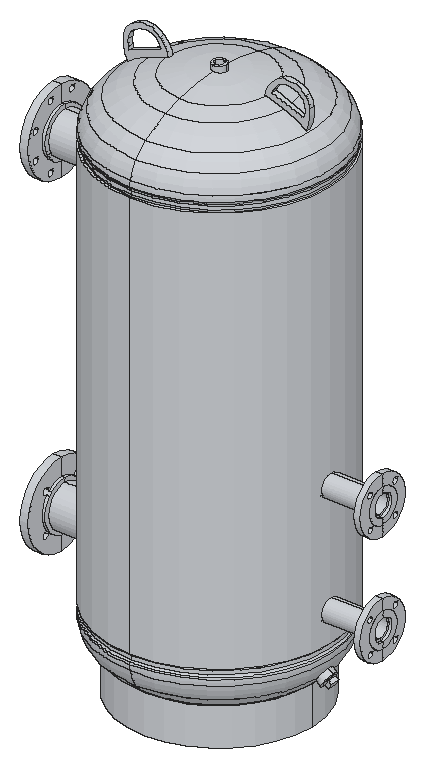
Revit family "HBT-120-24", category Generic Models, Revit 2014
Parameters (values of type "HBT-120-24")
  URL = "http://westank.com/"
  Tank Volume = 120.0 gal
  Part Number = 55641224
  Model = "HBT-120-34"
  Maximum Shipping Weight = 235 lbf
  G = 12"
  B = 4"
  Description = "Wessels ASME 4-port primary-secondary Hot Water Buffer Tanks (HBT) are designed for use with today’s high efficiency systems that incorporate small modular low-mass boilers."
  D = 60"
  C = 24"
  E = 48"
  F = 24"
  A = 2"
Reference planes (in)
  plane 1 "Center (Front/Back)": y = 0
  plane 2: z = 0
  plane 3 "Center (Left/Right)": x = 0
  plane 4: through (12.55282, -180, 5.24135) normal (0.8192, 0, -0.5736)
  plane 5: z = 0
  plane 6: x = -0.0258
  plane 7: x = -12
  plane 8: x = 12
  plane 9: z = 60
  plane 10: z = 12
  plane 11: z = 24
  plane 12: z = 48
  plane 13: y = 12
  plane 14: y = -12
Forms (in)
  Revolve 1, solid
    sketch origin (0, -0.02461, 0) x (0, 1, 0) y (0, 0, 1)
      loop
        line (-11.72943, 8.77243) -> (-11.78566, 8.52884) -> (-11.78566, 8.13478)
        arc (-11.78566, 8.13478) -> (-11.81912, 8.00062) -> (-11.91164, 7.89786) r 0.28578
        arc (-11.91164, 7.89786) -> (-11.95692, 7.81968) -> (-11.97558, 7.73128) r 0.28631
        arc (-11.97558, 7.73128) -> (-11.97245, 7.42046) -> (-11.93229, 7.11223) r 2.60351
        arc (-11.93229, 7.11223) -> (-11.64697, 6.20299) -> (-11.16219, 5.38255) r 4.15957
        arc (-11.16219, 5.38255) -> (-10.55779, 4.71313) -> (-9.84784, 4.1569) r 5.25551
        arc (-9.84784, 4.1569) -> (-8.58434, 3.33811) -> (-7.19899, 2.74848) r 8.73435
        arc (-7.19899, 2.74848) -> (-6.25875, 2.4064) -> (-5.29808, 2.12676) r 15.23806
        arc (-5.29808, 2.12676) -> (-2.65772, 1.62908) -> (0.02461, 1.47321) r 20.96361
        line (0.02461, 1.47321) -> (0.02461, 1.61775)
        arc (0.02461, 1.61775) -> (-2.63967, 1.77249) -> (-5.26227, 2.26678) r 20.81908
        arc (-5.26227, 2.26678) -> (-6.21608, 2.54451) -> (-7.14956, 2.88438) r 15.09353
        arc (-7.14956, 2.88438) -> (-8.51704, 3.46602) -> (-9.7638, 4.27464) r 8.58982
        arc (-9.7638, 4.27464) -> (-10.45704, 4.8168) -> (-11.047, 5.46985) r 5.11098
        arc (-11.047, 5.46985) -> (-11.51493, 6.26178) -> (-11.79034, 7.13942) r 4.01504
        arc (-11.79034, 7.13942) -> (-11.82827, 7.43054) -> (-11.83123, 7.72411) r 2.45898
        arc (-11.83123, 7.72411) -> (-11.82458, 7.76052) -> (-11.80874, 7.79397) r 0.14178
        arc (-11.80874, 7.79397) -> (-11.69341, 7.92922) -> (-11.64258, 8.09956) r 0.43032
        line (-11.64258, 8.09956) -> (-11.64258, 8.4958) -> (-11.58634, 8.7394) -> (-11.58634, 8.83017) -> (-11.83231, 8.83017) -> (-11.83231, 52.67703) -> (-11.58634, 52.67703) -> (-11.58634, 52.73382) -> (-11.64258, 52.97741) -> (-11.64258, 53.37366)
        arc (-11.64258, 53.37366) -> (-11.69341, 53.54399) -> (-11.80874, 53.67925) r 0.43032
        arc (-11.80874, 53.67925) -> (-11.82458, 53.7127) -> (-11.83123, 53.7491) r 0.14178
        arc (-11.83123, 53.7491) -> (-11.82827, 54.04267) -> (-11.79034, 54.33379) r 2.45898
        arc (-11.79034, 54.33379) -> (-11.51493, 55.21144) -> (-11.047, 56.00337) r 4.01504
        arc (-11.047, 56.00337) -> (-10.45704, 56.65641) -> (-9.7638, 57.19857) r 5.11098
        arc (-9.7638, 57.19857) -> (-8.51704, 58.00719) -> (-7.14956, 58.58883) r 8.58982
        arc (-7.14956, 58.58883) -> (-6.21608, 58.9287) -> (-5.26227, 59.20643) r 15.09353
        arc (-5.26227, 59.20643) -> (-2.63967, 59.70073) -> (0.02461, 59.85547) r 20.81908
        line (0.02461, 59.85547) -> (0.02461, 60)
        arc (0.02461, 60) -> (-2.65772, 59.84413) -> (-5.29808, 59.34646) r 20.96361
        arc (-5.29808, 59.34646) -> (-6.25875, 59.06681) -> (-7.19899, 58.72473) r 15.23806
        arc (-7.19899, 58.72473) -> (-8.58434, 58.1351) -> (-9.84784, 57.31632) r 8.73435
        arc (-9.84784, 57.31632) -> (-10.55779, 56.76009) -> (-11.16219, 56.09066) r 5.25551
        arc (-11.16219, 56.09066) -> (-11.64697, 55.27022) -> (-11.93229, 54.36098) r 4.15957
        arc (-11.93229, 54.36098) -> (-11.97245, 54.05275) -> (-11.97558, 53.74193) r 2.60351
        arc (-11.97558, 53.74193) -> (-11.95692, 53.65354) -> (-11.91164, 53.57536) r 0.28631
        arc (-11.91164, 53.57536) -> (-11.81912, 53.4726) -> (-11.78566, 53.33843) r 0.28578
        line (-11.78566, 53.33843) -> (-11.78566, 52.94437) -> (-11.73727, 52.73477) -> (-11.97539, 52.73477) -> (-11.97539, 8.77243) -> (-11.72943, 8.77243)
      axis (0.02461, 1.47321) -> (0.02461, 60)
    angle from 0 to 360
  Revolve 2, solid
    sketch origin (-13.31312, 0, -17.60969) x (0.999996, 0, -0.002792) y (0.002792, 0, 0.999996)
      loop
        line (24.95603, 23.79747) -> (24.90436, 23.83351) -> (24.49286, 23.24353) -> (25.10843, 22.81419) -> (25.48438, 23.35322) -> (25.43312, 23.38897) -> (25.55755, 23.56737) -> (25.04492, 23.92491) -> (24.95603, 23.79747)
      axis (24.49286, 23.24353) -> (25.10843, 22.81419)
    angle from 0 to 360
  Extrusion 3, solid
    sketch origin (11.29211, -180, 6.1145) x (0.574357, 0, 0.818605) y (0, -1, 0)
      loop
        line (-0.16036, -179.52645) -> (-0.95521, -179.68698) -> (-0.79485, -180.48095) -> (0, -180.32042) -> (-0.16036, -179.52645)
    from 1.02698 to 1.52678
  Extrusion 4, solid
    sketch origin (0, 0, 0) x (1, 0, 0) y (0, 1, 0)
      loop
        circle (0, 0) r 0.75
      loop
        circle (0, 0) r 0.5
    from 59.84944 to 60.51895
  Extrusion 5, void
    sketch origin (0, 0, 0) x (1, 0, 0) y (0, 1, 0)
      loop
        circle (0, 0) r 0.5
    from 55.71073 to 62.35572
  Revolve 6, solid
    sketch origin (0, 0, 0) x (1, 0, 0) y (0, 0, 1)
      loop
        line (9.87341, 4.12139) -> (9.87341, 0) -> (9.99844, 0) -> (9.99844, 4.12139) -> (9.87341, 4.12139)
      axis (0, 4.12139) -> (0, 0)
    angle from 0 to 360
  Revolve 7, solid
    sketch origin (-3.00177, 0, 1.25063) x (-1, 0, 0) y (0, 0, 1)
      loop
        line (13.62468, 8.49841) -> (13.62468, 8.09374) -> (13.99968, 8.09374) -> (13.99968, 6.24911) -> (14.87468, 6.24911) -> (14.87468, 7.65581) -> (14.93718, 7.65581) -> (14.93718, 8.49841) -> (13.62468, 8.49841)
      axis (14.93718, 10.74756) -> (13.62468, 10.74756)
    angle from 0 to 360
  Revolve 8, solid
    sketch origin (-3.60333, 0, 1.22133) x (1, 0, 0) y (0, 0, 1)
      loop
        line (-13.96062, 8.76666) -> (-13.96062, 8.52784) -> (-7.46062, 8.52784) -> (-7.46062, 8.76666) -> (-13.96062, 8.76666)
      axis (-13.96062, 10.77686) -> (-7.46062, 10.77686)
    angle from 0 to 360
  Extrusion 9, void
    sketch origin (0, 0, 0) x (0, 1, 0) y (0, 0, 1)
      loop
        circle (2.1141, 14.11626) r 0.39832
      loop
        circle (-2.1141, 14.11626) r 0.39832
      loop
        circle (2.1141, 9.86626) r 0.39832
      loop
        circle (-2.1141, 9.86626) r 0.39832
    from -19.2176 to -16.27861
  Revolve 10, solid
    sketch origin (-3.00177, 0, 37.25063) x (-1, 0, 0) y (0, 0, 1)
      loop
        line (13.62468, 8.49841) -> (13.62468, 8.09374) -> (13.99968, 8.09374) -> (13.99968, 6.24911) -> (14.87468, 6.24911) -> (14.87468, 7.65581) -> (14.93718, 7.65581) -> (14.93718, 8.49841) -> (13.62468, 8.49841)
      axis (14.93718, 10.74756) -> (13.62468, 10.74756)
    angle from 0 to 360
  Revolve 11, solid
    sketch origin (-3.60333, 0, 37.22133) x (1, 0, 0) y (0, 0, 1)
      loop
        line (-13.96062, 8.76666) -> (-13.96062, 8.52784) -> (-7.46062, 8.52784) -> (-7.46062, 8.76666) -> (-13.96062, 8.76666)
      axis (-13.96062, 10.77686) -> (-7.46062, 10.77686)
    angle from 0 to 360
  Extrusion 12, void
    sketch origin (0, 0, 36) x (0, 1, 0) y (0, 0, 1)
      loop
        circle (1.42385, 15.46044) r 0.39832
      loop
        circle (-1.46018, 15.4786) r 0.39832
      loop
        circle (3.49461, 13.37203) r 0.39832
      loop
        circle (-3.47645, 13.42652) r 0.39832
      loop
        circle (1.42385, 8.53956) r 0.39832
      loop
        circle (-1.46018, 8.5214) r 0.39832
      loop
        circle (3.49461, 10.62797) r 0.39832
      loop
        circle (-3.47645, 10.57348) r 0.39832
    from -18.99952 to -15.62228
  Extrusion 13, solid
    sketch origin (-25.94969, -0.08071, 39.84854) x (0.34202, 0, -0.939693) y (0.939693, 0, 0.34202)
      loop
        arc (-11.9298, 25.67102) -> (-12.15596, 25.63246) -> (-12.38023, 25.58408) r 5.2625
        arc (-12.38023, 25.58408) -> (-12.78497, 25.45482) -> (-13.16591, 25.26664) r 2.84116
        arc (-13.16591, 25.26664) -> (-13.45733, 25.04186) -> (-13.68503, 24.75271) r 1.49558
        arc (-13.68503, 24.75271) -> (-13.8, 24.46408) -> (-13.86349, 24.15994) r 1.7957
        arc (-13.86349, 24.15994) -> (-13.88475, 23.80361) -> (-13.86349, 23.44728) r 2.99674
        arc (-13.86349, 23.44728) -> (-13.79114, 23.11862) -> (-13.65649, 22.81019) r 1.72881
        arc (-13.65649, 22.81019) -> (-13.39922, 22.48527) -> (-13.05253, 22.25816) r 1.29608
        arc (-13.05253, 22.25816) -> (-12.66159, 22.07193) -> (-12.239, 21.97739) r 1.9331
        arc (-12.239, 21.97739) -> (-12.08496, 21.94521) -> (-11.9298, 21.91889) r 4.14312
        line (-11.9298, 21.91889) -> (-11.9298, 25.67102)
      loop
        line (-10.9298, 21.34797) -> (-10.9298, 26.14148)
        arc (-10.9298, 26.14148) -> (-11.99706, 26.18465) -> (-13.02719, 25.90227) r 3.48194
        arc (-13.02719, 25.90227) -> (-13.54727, 25.6041) -> (-13.99851, 25.20943) r 3.03185
        arc (-13.99851, 25.20943) -> (-14.28248, 24.55653) -> (-14.39992, 23.8543) r 2.91879
        arc (-14.39992, 23.8543) -> (-14.3348, 23.1787) -> (-14.08611, 22.54717) r 2.44012
        arc (-14.08611, 22.54717) -> (-13.716, 22.08641) -> (-13.21844, 21.76749) r 1.83162
        arc (-13.21844, 21.76749) -> (-12.09799, 21.42749) -> (-10.9298, 21.34797) r 5.1769
    from -0.24366 to 0.25634
  Extrusion 14, solid
    sketch origin (25.94969, -0.08071, 39.84854) x (-0.34202, 0, -0.939693) y (0.939693, 0, -0.34202)
      loop
        line (-11.9298, -25.67102) -> (-11.9298, -21.91889)
        arc (-11.9298, -21.91889) -> (-12.08496, -21.94521) -> (-12.239, -21.97739) r 4.14312
        arc (-12.239, -21.97739) -> (-12.66159, -22.07193) -> (-13.05253, -22.25816) r 1.9331
        arc (-13.05253, -22.25816) -> (-13.39922, -22.48527) -> (-13.65649, -22.81019) r 1.29608
        arc (-13.65649, -22.81019) -> (-13.79114, -23.11862) -> (-13.86349, -23.44728) r 1.72881
        arc (-13.86349, -23.44728) -> (-13.88475, -23.80361) -> (-13.86349, -24.15994) r 2.99674
        arc (-13.86349, -24.15994) -> (-13.8, -24.46408) -> (-13.68503, -24.75271) r 1.7957
        arc (-13.68503, -24.75271) -> (-13.45733, -25.04186) -> (-13.16591, -25.26664) r 1.49558
        arc (-13.16591, -25.26664) -> (-12.78497, -25.45482) -> (-12.38023, -25.58408) r 2.84116
        arc (-12.38023, -25.58408) -> (-12.15596, -25.63246) -> (-11.9298, -25.67102) r 5.2625
      loop
        arc (-10.9298, -21.34797) -> (-12.09799, -21.42749) -> (-13.21844, -21.76749) r 5.1769
        arc (-13.21844, -21.76749) -> (-13.716, -22.08641) -> (-14.08611, -22.54717) r 1.83162
        arc (-14.08611, -22.54717) -> (-14.3348, -23.1787) -> (-14.39992, -23.8543) r 2.44012
        arc (-14.39992, -23.8543) -> (-14.28248, -24.55653) -> (-13.99851, -25.20943) r 2.91879
        arc (-13.99851, -25.20943) -> (-13.54727, -25.6041) -> (-13.02719, -25.90227) r 3.03185
        arc (-13.02719, -25.90227) -> (-11.99706, -26.18465) -> (-10.9298, -26.14148) r 3.48194
        line (-10.9298, -26.14148) -> (-10.9298, -21.34797)
    from -0.24366 to 0.25634
  Extrusion 15, void
    sketch origin (0, 0, 0) x (0, 1, 0) y (0, 0, 1)
      loop
        circle (0, 47.9982) r 2.0102
    from -21.39688 to -4.24558
  Extrusion 16, void
    sketch origin (0, 0, -36) x (0, 1, 0) y (0, 0, 1)
      loop
        circle (0, 47.9982) r 2.0102
    from -21.39688 to -4.24558
  Extrusion 17, void
    sketch origin (-0.37284, 0, -0.62305) x (0, 1, 0) y (0, 0, 1)
      loop
        circle (0, 12.62305) r 1.03153
    from 8.77305 to 18.76515
  Revolve 18, solid
    sketch origin (-9.71257, 0, -0.49805) x (1, 0, 0) y (0, 0, 1)
      loop
        line (26.33756, 11.31123) -> (26.33756, 10.96875) -> (26.58756, 10.96875) -> (26.58756, 9.50028) -> (27.27507, 9.50028) -> (27.27507, 10.6875) -> (27.33757, 10.6875) -> (27.33757, 11.31123) -> (26.33756, 11.31123)
      axis (27.33757, 12.5) -> (26.33756, 12.5)
    angle from 0 to 360
  Revolve 19, solid
    sketch origin (-6.42131, 0, -0.5) x (-1, 0, 0) y (0, 0, 1)
      loop
        line (-17.17131, 11.46847) -> (-23.67131, 11.46847) -> (-23.67131, 11.31445) -> (-17.17131, 11.31445) -> (-17.17131, 11.46847)
      axis (-23.67131, 12.5) -> (-17.17131, 12.5)
    angle from 0 to 360
  Extrusion 20, void
    sketch origin (-0.37284, 0, -0.99805) x (0, 1, 0) y (0, 0, 1)
      loop
        circle (1.68454, 14.67389) r 0.38273
      loop
        circle (-1.69766, 14.67389) r 0.37635
      loop
        circle (-1.66641, 11.31003) r 0.35289
      loop
        circle (1.70166, 11.31003) r 0.37084
    from 13.49462 to 18.49167
  Extrusion 21, void
    sketch origin (-0.37284, 0, 11.37695) x (0, 1, 0) y (0, 0, 1)
      loop
        circle (0, 12.62305) r 1.03153
    from 8.77305 to 18.76515
  Revolve 22, solid
    sketch origin (-9.71257, 0, 11.50195) x (1, 0, 0) y (0, 0, 1)
      loop
        line (26.33756, 11.31123) -> (26.33756, 10.96875) -> (26.58756, 10.96875) -> (26.58756, 9.50028) -> (27.27507, 9.50028) -> (27.27507, 10.6875) -> (27.33757, 10.6875) -> (27.33757, 11.31123) -> (26.33756, 11.31123)
      axis (27.33757, 12.5) -> (26.33756, 12.5)
    angle from 0 to 360
  Revolve 23, solid
    sketch origin (-6.42131, 0, 11.5) x (-1, 0, 0) y (0, 0, 1)
      loop
        line (-17.17131, 11.46847) -> (-23.67131, 11.46847) -> (-23.67131, 11.31445) -> (-17.17131, 11.31445) -> (-17.17131, 11.46847)
      axis (-23.67131, 12.5) -> (-17.17131, 12.5)
    angle from 0 to 360
  Extrusion 24, void
    sketch origin (-0.37284, 0, 11.00195) x (0, 1, 0) y (0, 0, 1)
      loop
        circle (1.68454, 14.67389) r 0.38273
      loop
        circle (-1.69766, 14.67389) r 0.37635
      loop
        circle (-1.66641, 11.31003) r 0.35289
      loop
        circle (1.70166, 11.31003) r 0.37084
    from 13.49462 to 18.49167
Cuts and joins
  joined: Extrusion 3, Extrusion 4, Revolve 6
  Extrusion 5, Extrusion 9, Extrusion 15, Extrusion 16, Extrusion 17, Extrusion 21 cuts Revolve 1
  Extrusion 9, Extrusion 12 cuts Revolve 7
  Extrusion 12 cuts Revolve 10
  Extrusion 16 cuts Revolve 11
  Extrusion 17, Extrusion 21 cuts Revolve 19
  Extrusion 20, Extrusion 24 cuts Revolve 18
  Extrusion 21 cuts Revolve 23
  Extrusion 24 cuts Revolve 22
Dimensions and locks (in)
  "D": plane 9 to level
  "C": plane 8 to plane 7
  "G": plane 10 to level
  "F": plane 11 to level
  "E": plane 12 to level
  aligned and locked: plane 2 to level
Automatic sketch dimensions
  Revolve 1 sketch curve to Revolve 1 sketch curve = 0"  (x44)
  Revolve 1 sketch curve to plane 14 = 0"
  Revolve 1 sketch curve to plane 1 "Center (Front/Back)" = 0"  (x3)
  plane 14 to Revolve 1 sketch curve = 0.09606"  (x2)
  Revolve 1 sketch curve to plane 14 = 0.14309"
  Revolve 1 sketch curve to plane 14 = 0.18973"  (x2)
  Revolve 1 sketch curve to Revolve 1 sketch curve = 0.09503"
  Revolve 1 sketch curve to Revolve 1 sketch curve = 0.10288"
  Revolve 1 sketch curve to plane 14 = 0.28577"  (x2)
  Revolve 1 sketch curve to Revolve 1 sketch curve = 0.14309"  (x3)
  Revolve 1 sketch curve to Revolve 1 sketch curve = 0.15093"
  Revolve 1 sketch curve to Revolve 1 sketch curve = 2.31434"  (x2)
  Revolve 1 sketch curve to Revolve 1 sketch curve = 1.52828"  (x2)
  Revolve 1 sketch curve to Revolve 1 sketch curve = 0.87346"  (x2)
  Revolve 1 sketch curve to plane 10 = 0.94992"
  Revolve 1 sketch curve to Revolve 1 sketch curve = 2.48973"  (x2)
  plane 1 "Center (Front/Back)" to Revolve 1 sketch curve = 1.54641"  (x2)
  plane 1 "Center (Front/Back)" to Revolve 1 sketch curve = 0.12751"  (x2)
  Revolve 1 sketch curve to plane 10 = 3.16983"
  Revolve 1 sketch curve to Revolve 1 sketch curve = 0.05774"  (x2)
  Revolve 1 sketch curve to Revolve 1 sketch curve = 0.09077"
  Revolve 1 sketch curve to plane 10 = 3.44323"
  Revolve 1 sketch curve to Revolve 1 sketch curve = 0.24359"
  Revolve 1 sketch curve to Revolve 1 sketch curve = 0.03303"  (x2)
  Revolve 1 sketch curve to Revolve 1 sketch curve = 0.39406"  (x2)
  Revolve 1 sketch curve to Revolve 1 sketch curve = 0.03523"  (x2)
  Revolve 1 sketch curve to Revolve 1 sketch curve = 0.66192"  (x2)
  Revolve 1 sketch curve to Revolve 1 sketch curve = 0.38248"  (x2)
  Revolve 1 sketch curve to Revolve 1 sketch curve = 0.29277"  (x2)
  level to Revolve 1 sketch curve = 1.61775"
  Revolve 1 sketch curve to Revolve 1 sketch curve = 37/256"
  plane 10 to Revolve 1 sketch curve = 4.88948"
  Revolve 1 sketch curve to plane 11 = 1.56356"
  Revolve 1 sketch curve to plane 12 = 8.96323"
  Revolve 1 sketch curve to plane 12 = 3.41627"
  plane 12 to Revolve 1 sketch curve = 2.42313"
  plane 12 to Revolve 1 sketch curve = 4.67703"
  Revolve 1 sketch curve to Revolve 1 sketch curve = 0.05679"
  Revolve 1 sketch curve to Revolve 1 sketch curve = 2.49332"
  Revolve 1 sketch curve to Revolve 1 sketch curve = 0.2096"
  Revolve 1 sketch curve to plane 9 = 37/256"
  plane 9 to Revolve 1 sketch curve = 0"
  plane 14 to Revolve 1 sketch curve = 0.00019"  (x2)
  Revolve 1 sketch curve to Revolve 1 sketch curve = 0.14161"  (x2)
  Revolve 1 sketch curve to Revolve 1 sketch curve = 1.19916"  (x2)
  Revolve 1 sketch curve to Revolve 1 sketch curve = 0.08403"  (x2)
  Revolve 1 sketch curve to Revolve 1 sketch curve = 1.93673"
  Revolve 1 sketch curve to plane 9 = 1.27527"
  Revolve 1 sketch curve to Revolve 1 sketch curve = 0.04943"  (x2)
  plane 11 to Revolve 1 sketch curve = 4.89308"
  Revolve 1 sketch curve to Revolve 1 sketch curve = 3 3/4"
  Revolve 2 sketch curve to plane 8 = 0.75545"
  Revolve 2 sketch curve to plane 4 = 1.2575"
  Revolve 2 sketch curve to Revolve 2 sketch curve = 0.4115"
  Revolve 2 sketch curve to Revolve 2 sketch curve = 0.05167"
  Revolve 2 sketch curve to Revolve 2 sketch curve = 0.08888"
  Revolve 2 sketch curve to Revolve 2 sketch curve = 0.61556"
  Revolve 2 sketch curve to Revolve 2 sketch curve = 0.47709"
  Revolve 2 sketch curve to Revolve 2 sketch curve = 0.05126"
  Revolve 2 sketch curve to Revolve 2 sketch curve = 0.42934"
  Revolve 2 sketch curve to Revolve 2 sketch curve = 0.12768"
  Revolve 2 sketch curve to Revolve 2 sketch curve = 0"  (x2)
  Revolve 2 sketch curve to Revolve 2 sketch curve = 0.08905"
  plane 1 "Center (Front/Back)" to Extrusion 3 sketch curve = 0.31302"
  Extrusion 3 sketch curve to plane 1 "Center (Front/Back)" = 0.48095"
  Extrusion 3 sketch curve to Extrusion 3 sketch curve = 0.16036"  (x2)
  plane 1 "Center (Front/Back)" to Extrusion 3 sketch curve = 0.47355"
  Extrusion 3 sketch curve to Extrusion 3 sketch curve = 0.79485"
  Extrusion 3 sketch curve to plane 1 "Center (Front/Back)" = 0.32042"
  Extrusion 4 sketch curve to Extrusion 4 sketch curve = 0"  (x2)
  plane 1 "Center (Front/Back)" to Extrusion 4 sketch curve = 0"
  Extrusion 4 sketch curve to plane 3 "Center (Left/Right)" = 0"
  Extrusion 5 sketch curve to Extrusion 5 sketch curve = 0"  (x2)
  plane 1 "Center (Front/Back)" to Extrusion 5 sketch curve = 0"
  Extrusion 5 sketch curve to plane 3 "Center (Left/Right)" = 0"
  plane 6 to Extrusion 5 sketch curve = 0.4742"
  Revolve 6 sketch curve to plane 3 "Center (Left/Right)" = 0"
  Revolve 6 sketch curve to level = 0"
  Revolve 6 sketch curve to plane 8 = 2.12659"
  Revolve 6 sketch curve to Revolve 6 sketch curve = 0.12503"
  level to Revolve 6 sketch curve = 4.12139"
  level to Revolve 6 sketch curve = 4.69941"
  Revolve 6 sketch curve to Revolve 6 sketch curve = 1"
  plane 7 to Revolve 7 sketch curve = 4.62645"
  Revolve 7 sketch curve to Revolve 7 sketch curve = 3/8"
  Revolve 7 sketch curve to Revolve 7 sketch curve = 7/8"
  Revolve 7 sketch curve to Revolve 7 sketch curve = 1/16"
  plane 10 to Revolve 7 sketch curve = 4.50025"
  Revolve 7 sketch curve to Revolve 7 sketch curve = 1.4067"
  Revolve 7 sketch curve to Revolve 7 sketch curve = 0.43793"
  Revolve 7 sketch curve to Revolve 7 sketch curve = 0.40467"
  plane 10 to Revolve 7 sketch curve = 0.0018"
  Revolve 7 sketch curve to plane 7 = 0.56043"
  Revolve 7 sketch curve to Revolve 7 sketch curve = 0.68278"
  Revolve 8 sketch curve to plane 10 = 2.25083"
  Revolve 8 sketch curve to plane 7 = 5.56395"
  plane 7 to Revolve 8 sketch curve = 0.93605"
  Revolve 8 sketch curve to Revolve 8 sketch curve = 0.23882"
  Revolve 8 sketch curve to plane 10 = 0.0018"
  plane 7 to Revolve 8 sketch curve = 0.56043"
  Revolve 8 sketch curve to Revolve 8 sketch curve = 0.36015"
  Extrusion 9 sketch curve to Extrusion 9 sketch curve = 0"  (x8)
  plane 1 "Center (Front/Back)" to Extrusion 9 sketch curve = 2.1141"  (x2)
  Extrusion 9 sketch curve to plane 1 "Center (Front/Back)" = 2.1141"  (x2)
  Extrusion 9 sketch curve to plane 10 = 2.13374"  (x2)
  plane 10 to Extrusion 9 sketch curve = 2.11626"  (x2)
  Extrusion 9 sketch curve to Extrusion 9 sketch curve = 0.39832"  (x4)
  plane 7 to Revolve 10 sketch curve = 4.62645"
  Revolve 10 sketch curve to Revolve 10 sketch curve = 3/8"
  Revolve 10 sketch curve to Revolve 10 sketch curve = 7/8"
  Revolve 10 sketch curve to Revolve 10 sketch curve = 1/16"
  plane 12 to Revolve 10 sketch curve = 4.50025"
  Revolve 10 sketch curve to Revolve 10 sketch curve = 1.4067"
  Revolve 10 sketch curve to Revolve 10 sketch curve = 0.43793"
  Revolve 10 sketch curve to Revolve 10 sketch curve = 0.40467"
  plane 12 to Revolve 10 sketch curve = 0.0018"
  Revolve 10 sketch curve to plane 7 = 0.56043"
  Revolve 10 sketch curve to Revolve 10 sketch curve = 0.68278"
  Revolve 11 sketch curve to plane 12 = 2.25083"
  Revolve 11 sketch curve to plane 7 = 5.56395"
  plane 7 to Revolve 11 sketch curve = 0.93605"
  Revolve 11 sketch curve to Revolve 11 sketch curve = 0.23882"
  Revolve 11 sketch curve to plane 12 = 0.0018"
  plane 7 to Revolve 11 sketch curve = 0.56043"
  Revolve 11 sketch curve to Revolve 11 sketch curve = 0.36015"
  Extrusion 12 sketch curve to Extrusion 12 sketch curve = 0"  (x18)
  Extrusion 12 sketch curve to plane 12 = 1.42652"
  plane 1 "Center (Front/Back)" to Extrusion 12 sketch curve = 3.47645"
  plane 12 to Extrusion 12 sketch curve = 1.42652"
  plane 1 "Center (Front/Back)" to Extrusion 12 sketch curve = 1.46018"  (x2)
  Extrusion 12 sketch curve to plane 1 "Center (Front/Back)" = 1.42385"  (x2)
  plane 12 to Extrusion 12 sketch curve = 1.37203"
  Extrusion 12 sketch curve to Extrusion 12 sketch curve = 2.07077"
  Extrusion 12 sketch curve to plane 12 = 1.37203"
  Extrusion 12 sketch curve to Extrusion 12 sketch curve = 2.08841"  (x2)
  Extrusion 12 sketch curve to Extrusion 12 sketch curve = 0.01816"  (x2)
  Extrusion 12 sketch curve to Extrusion 12 sketch curve = 0.39832"  (x8)
  Extrusion 13 sketch curve to plane 9 = 0.3644"
  plane 7 to Extrusion 13 sketch curve = 3.79479"
  Extrusion 13 sketch curve to Extrusion 13 sketch curve = 0.03301"
  Extrusion 13 sketch curve to Extrusion 13 sketch curve = 0.08665"
  Extrusion 13 sketch curve to Extrusion 13 sketch curve = 0.34483"
  Extrusion 13 sketch curve to Extrusion 13 sketch curve = 17/256"
  Extrusion 13 sketch curve to Extrusion 13 sketch curve = 0.04958"
  Extrusion 13 sketch curve to Extrusion 13 sketch curve = 0.06885"
  Extrusion 13 sketch curve to Extrusion 13 sketch curve = 0.15073"
  Extrusion 13 sketch curve to Extrusion 13 sketch curve = 0.36028"
  Extrusion 13 sketch curve to Extrusion 13 sketch curve = 0.06601"
  Extrusion 13 sketch curve to Extrusion 13 sketch curve = 0.11815"
  Extrusion 13 sketch curve to Extrusion 13 sketch curve = 0.47821"
  Extrusion 13 sketch curve to Extrusion 13 sketch curve = 0.6151"
  Extrusion 13 sketch curve to Extrusion 13 sketch curve = 0.15011"
  Extrusion 13 sketch curve to Extrusion 13 sketch curve = 0.77126"
  Extrusion 13 sketch curve to Extrusion 13 sketch curve = 0.3849"
  Extrusion 13 sketch curve to Extrusion 13 sketch curve = 0.59588"
  Extrusion 13 sketch curve to Extrusion 13 sketch curve = 0.3061"
  Extrusion 13 sketch curve to Extrusion 13 sketch curve = 0.31529"
  Extrusion 13 sketch curve to Extrusion 13 sketch curve = 0.0954"
  Extrusion 13 sketch curve to Extrusion 13 sketch curve = 0.80625"
  Extrusion 13 sketch curve to Extrusion 13 sketch curve = 0.57092"
  Extrusion 13 sketch curve to Extrusion 13 sketch curve = 0.88262"
  Extrusion 13 sketch curve to Extrusion 13 sketch curve = 0.00686"
  Extrusion 13 sketch curve to Extrusion 13 sketch curve = 0.20406"
  Extrusion 13 sketch curve to Extrusion 13 sketch curve = 0.59172"
  Extrusion 13 sketch curve to Extrusion 13 sketch curve = 0.09548"
  Extrusion 13 sketch curve to Extrusion 13 sketch curve = 0.07607"
  Extrusion 13 sketch curve to Extrusion 13 sketch curve = 0.15093"
  Extrusion 13 sketch curve to Extrusion 13 sketch curve = 0.04716"
  Extrusion 13 sketch curve to Extrusion 13 sketch curve = 0.0326"
  Extrusion 13 sketch curve to Extrusion 13 sketch curve = 1.7246"
  Extrusion 13 sketch curve to Extrusion 13 sketch curve = 0.34507"
  Extrusion 13 sketch curve to Extrusion 13 sketch curve = 0.12538"
  Extrusion 13 sketch curve to Extrusion 13 sketch curve = 0.37807"
  Extrusion 13 sketch curve to Extrusion 13 sketch curve = 0"  (x6)
  Extrusion 13 sketch curve to Extrusion 13 sketch curve = 0.1659"
  Extrusion 13 sketch curve to Extrusion 13 sketch curve = 0.13872"
  Extrusion 13 sketch curve to Extrusion 13 sketch curve = 0.42962"
  Extrusion 13 sketch curve to Extrusion 13 sketch curve = 0.51913"
  Extrusion 13 sketch curve to Extrusion 13 sketch curve = 0.31348"
  Extrusion 14 sketch curve to plane 9 = 0.3644"
  Extrusion 14 sketch curve to plane 8 = 3.79479"
  Extrusion 14 sketch curve to Extrusion 14 sketch curve = 0.03301"
  Extrusion 14 sketch curve to Extrusion 14 sketch curve = 0.08665"
  Extrusion 14 sketch curve to Extrusion 14 sketch curve = 0.34483"
  Extrusion 14 sketch curve to Extrusion 14 sketch curve = 17/256"
  Extrusion 14 sketch curve to Extrusion 14 sketch curve = 0.04958"
  Extrusion 14 sketch curve to Extrusion 14 sketch curve = 0.06885"
  Extrusion 14 sketch curve to Extrusion 14 sketch curve = 0.15073"
  Extrusion 14 sketch curve to Extrusion 14 sketch curve = 0.36028"
  Extrusion 14 sketch curve to Extrusion 14 sketch curve = 0.06601"
  Extrusion 14 sketch curve to Extrusion 14 sketch curve = 0.11815"
  Extrusion 14 sketch curve to Extrusion 14 sketch curve = 0.47821"
  Extrusion 14 sketch curve to Extrusion 14 sketch curve = 0.6151"
  Extrusion 14 sketch curve to Extrusion 14 sketch curve = 0.15011"
  Extrusion 14 sketch curve to Extrusion 14 sketch curve = 0.77126"
  Extrusion 14 sketch curve to Extrusion 14 sketch curve = 0.3849"
  Extrusion 14 sketch curve to Extrusion 14 sketch curve = 0.59588"
  Extrusion 14 sketch curve to Extrusion 14 sketch curve = 0.00686"
  Extrusion 14 sketch curve to Extrusion 14 sketch curve = 0.20406"
  Extrusion 14 sketch curve to Extrusion 14 sketch curve = 0.0747"
  Extrusion 14 sketch curve to Extrusion 14 sketch curve = 0.09548"
  Extrusion 14 sketch curve to Extrusion 14 sketch curve = 0.07607"
  Extrusion 14 sketch curve to Extrusion 14 sketch curve = 0.15093"
  Extrusion 14 sketch curve to Extrusion 14 sketch curve = 0.04716"
  Extrusion 14 sketch curve to Extrusion 14 sketch curve = 0.0326"
  Extrusion 14 sketch curve to Extrusion 14 sketch curve = 1.7246"
  Extrusion 14 sketch curve to Extrusion 14 sketch curve = 0.34507"
  Extrusion 14 sketch curve to Extrusion 14 sketch curve = 0.12538"
  Extrusion 14 sketch curve to Extrusion 14 sketch curve = 0.37807"
  Extrusion 14 sketch curve to Extrusion 14 sketch curve = 0.51702"
  Extrusion 14 sketch curve to Extrusion 14 sketch curve = 0.31529"
  Extrusion 14 sketch curve to Extrusion 14 sketch curve = 0.0954"
  Extrusion 14 sketch curve to Extrusion 14 sketch curve = 0.80625"
  Extrusion 14 sketch curve to Extrusion 14 sketch curve = 0.57092"
  Extrusion 14 sketch curve to Extrusion 14 sketch curve = 0.88262"
  Extrusion 14 sketch curve to Extrusion 14 sketch curve = 0"  (x6)
  Extrusion 14 sketch curve to Extrusion 14 sketch curve = 0.1659"
  Extrusion 14 sketch curve to Extrusion 14 sketch curve = 0.13872"
  Extrusion 14 sketch curve to Extrusion 14 sketch curve = 0.42962"
  Extrusion 14 sketch curve to Extrusion 14 sketch curve = 0.51913"
  Extrusion 14 sketch curve to Extrusion 14 sketch curve = 0.31348"
  Extrusion 15 sketch curve to Extrusion 15 sketch curve = 0"  (x2)
  Extrusion 15 sketch curve to plane 1 "Center (Front/Back)" = 0"
  Extrusion 15 sketch curve to plane 12 = 0.0018"
  Extrusion 15 sketch curve to Extrusion 15 sketch curve = 2.0102"
  Extrusion 16 sketch curve to Extrusion 16 sketch curve = 0"  (x2)
  Extrusion 16 sketch curve to plane 1 "Center (Front/Back)" = 0"
  Extrusion 16 sketch curve to plane 10 = 0.0018"
  Extrusion 16 sketch curve to Extrusion 16 sketch curve = 2.0102"
  Extrusion 17 sketch curve to Extrusion 17 sketch curve = 0"  (x2)
  Extrusion 17 sketch curve to plane 1 "Center (Front/Back)" = 0"
  Extrusion 17 sketch curve to plane 10 = 0"
  Extrusion 17 sketch curve to plane 10 = 1.03153"
  Revolve 18 sketch curve to plane 10 = 1.5293"
  plane 8 to Revolve 18 sketch curve = 4 5/8"
  Revolve 18 sketch curve to Revolve 18 sketch curve = 1/4"
  Revolve 18 sketch curve to Revolve 18 sketch curve = 11/16"
  Revolve 18 sketch curve to Revolve 18 sketch curve = 1/16"
  Revolve 18 sketch curve to Revolve 18 sketch curve = 9/32"
  Revolve 18 sketch curve to Revolve 18 sketch curve = 1.18722"
  Revolve 18 sketch curve to Revolve 18 sketch curve = 0.62373"
  plane 10 to Revolve 18 sketch curve = 0.00195"
  plane 3 "Center (Left/Right)" to Revolve 18 sketch curve = 4.46928"
  Revolve 18 sketch curve to Revolve 18 sketch curve = 0.68278"
  Revolve 19 sketch curve to plane 10 = 0"
  plane 10 to Revolve 19 sketch curve = 1.03153"
  Revolve 19 sketch curve to plane 8 = 5 1/4"
  plane 8 to Revolve 19 sketch curve = 1 1/4"
  Revolve 19 sketch curve to Revolve 19 sketch curve = 0.15401"
  Revolve 19 sketch curve to Revolve 19 sketch curve = 4.09314"
  Revolve 19 sketch curve to Revolve 19 sketch curve = 0.36015"
  plane 1 "Center (Front/Back)" to Extrusion 20 sketch curve = 1.69766"
  plane 1 "Center (Front/Back)" to Extrusion 20 sketch curve = 1.66641"
  Extrusion 20 sketch curve to plane 1 "Center (Front/Back)" = 1.68454"
  Extrusion 20 sketch curve to plane 1 "Center (Front/Back)" = 1.70166"
  Extrusion 20 sketch curve to plane 10 = 1.68801"  (x2)
  plane 10 to Extrusion 20 sketch curve = 1.67584"  (x2)
  Extrusion 21 sketch curve to Extrusion 21 sketch curve = 0"  (x2)
  Extrusion 21 sketch curve to plane 1 "Center (Front/Back)" = 0"
  Extrusion 21 sketch curve to plane 11 = 0"
  Extrusion 21 sketch curve to plane 11 = 1.03153"
  Revolve 22 sketch curve to plane 11 = 1.5293"
  plane 8 to Revolve 22 sketch curve = 4 5/8"
  Revolve 22 sketch curve to Revolve 22 sketch curve = 1/4"
  Revolve 22 sketch curve to Revolve 22 sketch curve = 11/16"
  Revolve 22 sketch curve to Revolve 22 sketch curve = 1/16"
  Revolve 22 sketch curve to Revolve 22 sketch curve = 9/32"
  Revolve 22 sketch curve to Revolve 22 sketch curve = 1.18722"
  Revolve 22 sketch curve to Revolve 22 sketch curve = 0.62373"
  plane 11 to Revolve 22 sketch curve = 0.00195"
  plane 3 "Center (Left/Right)" to Revolve 22 sketch curve = 4.46928"
  Revolve 22 sketch curve to Revolve 22 sketch curve = 0.68278"
  Revolve 23 sketch curve to plane 11 = 0"
  plane 11 to Revolve 23 sketch curve = 1.03153"
  Revolve 23 sketch curve to plane 8 = 5 1/4"
  plane 8 to Revolve 23 sketch curve = 1 1/4"
  Revolve 23 sketch curve to Revolve 23 sketch curve = 0.15401"
  Revolve 23 sketch curve to Revolve 23 sketch curve = 4.09314"
  Revolve 23 sketch curve to Revolve 23 sketch curve = 0.36015"
  plane 1 "Center (Front/Back)" to Extrusion 24 sketch curve = 1.69766"
  plane 1 "Center (Front/Back)" to Extrusion 24 sketch curve = 1.66641"
  Extrusion 24 sketch curve to plane 1 "Center (Front/Back)" = 1.68454"
  Extrusion 24 sketch curve to plane 1 "Center (Front/Back)" = 1.70166"
  Extrusion 24 sketch curve to plane 11 = 1.68801"  (x2)
  plane 11 to Extrusion 24 sketch curve = 1.67584"  (x2)
  radius of Extrusion 4 sketch curve = 3/4"
  radius of Extrusion 4 sketch curve = 1/2"
  radius of Extrusion 20 sketch curve = 0.38273"
  radius of Extrusion 20 sketch curve = 0.37635"
  radius of Extrusion 20 sketch curve = 0.35289"
  radius of Extrusion 20 sketch curve = 0.37084"
  radius of Extrusion 24 sketch curve = 0.38273"
  radius of Extrusion 24 sketch curve = 0.37635"
  radius of Extrusion 24 sketch curve = 0.35289"
  radius of Extrusion 24 sketch curve = 0.37084"
Connectors (in)
  piping at (-17.93895, 0, 11.9982), diameter 4, driven by "B"
    settings: on Revolve 7, index 3, connector inside diameter 24", connector length 0", flow factor 0, pipe flow 0 GPM, pressure drop 0.00 psi, fitting loss kfactor 0, connector angle 0.00°, fixture units 0, engagement length 0", angle of deflection 0.00°, flow configuration 0, flow direction 0, fitting loss method 0, system type 7, joint type 0, gender type 0, connector reference index -1, connector utility 0, adjustable connector no, is connector primary yes, connector description ""
  piping at (-17.93895, 0, 47.9982), diameter 4, driven by "B"
    settings: on Revolve 10, index 4, connector inside diameter 24", connector length 0", flow factor 0, pipe flow 0 GPM, pressure drop 0.00 psi, fitting loss kfactor 0, connector angle 0.00°, fixture units 0, engagement length 0", angle of deflection 0.00°, flow configuration 0, flow direction 0, fitting loss method 0, system type 7, joint type 0, gender type 0, connector reference index -1, connector utility 0, adjustable connector no, is connector primary no, connector description ""
  piping at (17.625, 0, 12.00195), diameter 2, driven by "A"
    settings: on cut or joined group of Revolve 18, Extrusion 20, Extrusion 24, index 5, connector inside diameter 24", connector length 0", flow factor 0, pipe flow 0 GPM, pressure drop 0.00 psi, fitting loss kfactor 0, connector angle 0.00°, fixture units 0, engagement length 0", angle of deflection 0.00°, flow configuration 0, flow direction 0, fitting loss method 0, system type 7, joint type 0, gender type 0, connector reference index -1, connector utility 0, adjustable connector no, is connector primary no, connector description ""
  piping at (17.625, 0, 24.00195), diameter 2, driven by "A"
    settings: on cut or joined group of Revolve 22, Extrusion 24, index 6, connector inside diameter 24", connector length 0", flow factor 0, pipe flow 0 GPM, pressure drop 0.00 psi, fitting loss kfactor 0, connector angle 0.00°, fixture units 0, engagement length 0", angle of deflection 0.00°, flow configuration 0, flow direction 0, fitting loss method 0, system type 7, joint type 0, gender type 0, connector reference index -1, connector utility 0, adjustable connector no, is connector primary no, connector description ""
